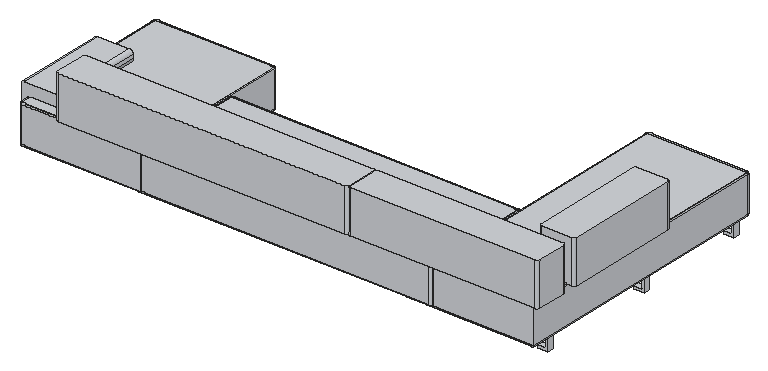
Revit family
Parameters (values of type "Modello con Isola")
  Manufacturer = "Revit"
  Materiale Piedi = none
  Materiale [instance] = none
Reference planes
  plane 1 "Center (Front/Back)": y = 0
  plane 2: z = 0
  plane 3 "Center (Left/Right)": x = 0
  plane 4: y = 210
  plane 5: y = 810
  plane 6: y = 1410
Forms (mm)
  Extrusion 1, solid, material <- "Materiale"
    sketch origin (0, 0, 460) x (1, 0, 0) y (0, 1, 0)
      loop
        arc (-1285.218, 313.341) -> (-1302.679, 306.109) -> (-1309.911, 288.648) r 24.693
        line (-1309.911, 288.648) -> (-1309.911, 24.693)
        arc (-1309.911, 24.693) -> (-1302.679, 7.232) -> (-1285.218, 0) r 24.693
        line (-1285.218, 0) -> (1285.218, 0)
        arc (1285.218, 0) -> (1302.679, 7.232) -> (1309.911, 24.693) r 24.693
        line (1309.911, 24.693) -> (1309.911, 288.648)
        arc (1309.911, 288.648) -> (1302.679, 306.109) -> (1285.218, 313.341) r 24.693
        line (1285.218, 313.341) -> (-1285.218, 313.341)
    from 0 to 385
  Extrusion 2, solid, material <- "Materiale"
    sketch origin (0, 0, 115) x (1, 0, 0) y (0, 1, 0)
      loop
        line (-591.622, 50.432) -> (-591.622, 1542.014)
        arc (-591.622, 1542.014) -> (-595.925, 1552.404) -> (-606.315, 1556.708) r 14.693
        line (-606.315, 1556.708) -> (-1649.364, 1556.708)
        arc (-1649.364, 1556.708) -> (-1659.754, 1552.404) -> (-1664.057, 1542.014) r 14.693
        line (-1664.057, 1542.014) -> (-1664.057, 65.125)
        arc (-1664.057, 65.125) -> (-1659.754, 54.735) -> (-1649.364, 50.432) r 14.693
        line (-1649.364, 50.432) -> (-591.622, 50.432)
      loop
        line (-561.505, 50.432) -> (2003.394, 50.432)
        arc (2003.394, 50.432) -> (2013.784, 54.735) -> (2018.088, 65.125) r 14.693
        line (2018.088, 65.125) -> (2018.088, 1016.409)
        arc (2018.088, 1016.409) -> (2013.784, 1026.799) -> (2003.394, 1031.103) r 14.693
        line (2003.394, 1031.103) -> (-546.812, 1031.103)
        arc (-546.812, 1031.103) -> (-557.202, 1026.799) -> (-561.505, 1016.409) r 14.693
        line (-561.505, 1016.409) -> (-561.505, 50.432)
    from 0 to 345
  Extrusion 3, solid, material <- "Materiale"
    sketch origin (0, 0, 0) x (1, 0, 0) y (0, 0, 1)
      loop
        line (-1724.67, 115.916) -> (-1674.095, 115.916) -> (-1674.095, 441.718)
        arc (-1674.095, 441.718) -> (-1663.863, 466.421) -> (-1639.159, 476.654) r 34.935
        line (-1639.159, 476.654) -> (-1415.69, 476.654)
        arc (-1415.69, 476.654) -> (-1390.987, 486.886) -> (-1380.755, 511.589) r 34.935
        line (-1380.755, 511.589) -> (-1380.755, 546.448)
        arc (-1380.755, 546.448) -> (-1390.987, 571.151) -> (-1415.69, 581.384) r 34.935
        line (-1415.69, 581.384) -> (-1689.735, 581.384)
        arc (-1689.735, 581.384) -> (-1714.438, 571.151) -> (-1724.67, 546.448) r 34.935
        line (-1724.67, 546.448) -> (-1724.67, 115.916)
    from -950.132 to -131.401
  Sweep 4, solid, material <- "Materiale"
    path origin (0, 0, 0) x (1, 0, 0) y (0, 1, 0)
      loop
        line (-606.315, 1556.708) -> (-1649.364, 1556.708)
        arc (-1649.364, 1556.708) -> (-1659.754, 1552.404) -> (-1664.057, 1542.014) r 14.693
        line (-1664.057, 1542.014) -> (-1664.057, 65.125)
        arc (-1664.057, 65.125) -> (-1659.754, 54.735) -> (-1649.364, 50.432) r 14.693
        line (-1649.364, 50.432) -> (-591.622, 50.432) -> (-591.622, 1542.014)
        arc (-591.622, 1542.014) -> (-595.925, 1552.404) -> (-606.315, 1556.708) r 14.693
    profile origin (-1127.84, 1556.708, 0) x (0, -1, 0) y (0, 0, 1)
      loop
        arc (0, 460) -> (-7.071, 457.071) -> (-10, 450) r 10
        line (-10, 450) -> (-10, 125)
        arc (-10, 125) -> (-7.071, 117.929) -> (0, 115) r 10
        line (0, 115) -> (0, 460)
  Sweep 5, solid, material <- "Materiale"
    path origin (0, 0, 0) x (1, 0, 0) y (0, 1, 0)
      loop
        line (2003.394, 1031.103) -> (-546.812, 1031.103)
        arc (-546.812, 1031.103) -> (-557.202, 1026.799) -> (-561.505, 1016.409) r 14.693
        line (-561.505, 1016.409) -> (-561.505, 50.432) -> (2003.394, 50.432)
        arc (2003.394, 50.432) -> (2013.784, 54.735) -> (2018.088, 65.125) r 14.693
        line (2018.088, 65.125) -> (2018.088, 1016.409)
        arc (2018.088, 1016.409) -> (2013.784, 1026.799) -> (2003.394, 1031.103) r 14.693
    profile origin (728.291, 1031.103, 0) x (0, -1, 0) y (0, 0, 1)
      loop
        arc (0, 460) -> (-7.071, 457.071) -> (-10, 450) r 10
        line (-10, 450) -> (-10, 125)
        arc (-10, 125) -> (-7.071, 117.929) -> (0, 115) r 10
        line (0, 115) -> (0, 460)
  Extrusion 6, solid, material <- "Materiale Piedi"
    sketch origin (0, 860, 0) x (1, 0, 0) y (0, 0, 1)
      loop
        line (-1676.433, 115.916) -> (-1676.433, 0) -> (-1582.923, 0) -> (-1582.923, 23.14) -> (-1653.621, 23.14) -> (-1653.621, 115.916) -> (-1676.433, 115.916)
      loop
        line (-634.698, 115.916) -> (-634.698, 23.14) -> (-705.397, 23.14) -> (-705.397, 0) -> (-611.887, 0) -> (-611.887, 115.916) -> (-634.698, 115.916)
    from 0 to 50
  Extrusion 7, solid, material <- "Materiale Piedi"
    sketch origin (0, 260, 0) x (1, 0, 0) y (0, 0, 1)
      loop
        line (-1676.433, 115.916) -> (-1676.433, 0) -> (-1582.923, 0) -> (-1582.923, 23.14) -> (-1653.621, 23.14) -> (-1653.621, 115.916) -> (-1676.433, 115.916)
      loop
        line (-634.698, 115.916) -> (-634.698, 23.14) -> (-705.397, 23.14) -> (-705.397, 0) -> (-611.887, 0) -> (-611.887, 115.916) -> (-634.698, 115.916)
    from 0 to 50
  Extrusion 8, solid, material <- "Materiale Piedi"
    sketch origin (0, 1460, 0) x (1, 0, 0) y (0, 0, 1)
      loop
        line (-1676.433, 115.916) -> (-1676.433, 0) -> (-1582.923, 0) -> (-1582.923, 23.14) -> (-1653.621, 23.14) -> (-1653.621, 115.916) -> (-1676.433, 115.916)
      loop
        line (-634.698, 115.916) -> (-634.698, 23.14) -> (-705.397, 23.14) -> (-705.397, 0) -> (-611.887, 0) -> (-611.887, 115.916) -> (-634.698, 115.916)
    from 0 to 50
  Extrusion 9, solid, material <- "Materiale Piedi"
    sketch origin (0, 260, 0) x (1, 0, 0) y (0, 0, 1)
      loop
        line (2005.239, 23.14) -> (1674.02, 23.14) -> (1674.02, 0) -> (2028.05, 0) -> (2028.05, 115.916) -> (2005.239, 115.916) -> (2005.239, 23.14)
    from 0 to 50
  Extrusion 10, solid, material <- "Materiale Piedi"
    sketch origin (0, 860, 0) x (1, 0, 0) y (0, 0, 1)
      loop
        line (2005.239, 23.14) -> (1674.02, 23.14) -> (1674.02, 0) -> (2028.05, 0) -> (2028.05, 115.916) -> (2005.239, 115.916) -> (2005.239, 23.14)
    from 0 to 50
  Extrusion 11, solid, material <- "Materiale"
    sketch origin (3702.145, 0, 115) x (1, 0, 0) y (0, 1, 0)
      loop
        line (-764.057, 65.432) -> (-764.057, 2435.738)
        arc (-764.057, 2435.738) -> (-768.361, 2446.128) -> (-778.751, 2450.432) r 14.693
        line (-778.751, 2450.432) -> (-1649.364, 2450.432)
        arc (-1649.364, 2450.432) -> (-1659.754, 2446.128) -> (-1664.057, 2435.738) r 14.693
        line (-1664.057, 2435.738) -> (-1664.057, 65.125)
        arc (-1664.057, 65.125) -> (-1659.754, 54.735) -> (-1649.364, 50.432) r 14.693
        line (-1649.364, 50.432) -> (-779.057, 50.432)
        arc (-779.057, 50.432) -> (-768.451, 54.825) -> (-764.057, 65.432) r 15
    from 0 to 345
  Sweep 12, solid, material <- "Materiale"
    path origin (3702.145, 0, 0) x (1, 0, 0) y (0, 1, 0)
      loop
        line (-778.751, 2450.432) -> (-1649.364, 2450.432)
        arc (-1649.364, 2450.432) -> (-1659.754, 2446.128) -> (-1664.057, 2435.738) r 14.693
        line (-1664.057, 2435.738) -> (-1664.057, 65.125)
        arc (-1664.057, 65.125) -> (-1659.754, 54.735) -> (-1649.364, 50.432) r 14.693
        line (-1649.364, 50.432) -> (-764.057, 50.432) -> (-764.057, 2435.738)
        arc (-764.057, 2435.738) -> (-768.361, 2446.128) -> (-778.751, 2450.432) r 14.693
    profile origin (2488.088, 2450.432, 0) x (0, -1, 0) y (0, 0, 1)
      loop
        arc (0, 460) -> (-7.071, 457.071) -> (-10, 450) r 10
        line (-10, 450) -> (-10, 125)
        arc (-10, 125) -> (-7.071, 117.929) -> (0, 115) r 10
        line (0, 115) -> (0, 460)
  Extrusion 13, solid, material <- "Materiale"
    sketch origin (3013.499, 834.052, 460) x (0, 1, 0) y (-1, 0, 0)
      loop
        arc (-399.359, 313.341) -> (-416.819, 306.109) -> (-424.052, 288.648) r 24.693
        line (-424.052, 288.648) -> (-424.052, 24.693)
        arc (-424.052, 24.693) -> (-416.819, 7.232) -> (-399.359, 0) r 24.693
        line (-399.359, 0) -> (623.834, 0)
        arc (623.834, 0) -> (641.295, 7.232) -> (648.527, 24.693) r 24.693
        line (648.527, 24.693) -> (648.527, 288.648)
        arc (648.527, 288.648) -> (641.295, 306.109) -> (623.834, 313.341) r 24.693
        line (623.834, 313.341) -> (-399.359, 313.341)
    from 0 to 385
  Extrusion 14, solid, material <- "Materiale"
    sketch origin (2800, 0, 460) x (1, 0, 0) y (0, 1, 0)
      loop
        arc (-1465.396, 313.341) -> (-1482.856, 306.109) -> (-1490.089, 288.648) r 24.693
        line (-1490.089, 288.648) -> (-1490.089, 24.693)
        arc (-1490.089, 24.693) -> (-1482.856, 7.232) -> (-1465.396, 0) r 24.693
        line (-1465.396, 0) -> (188.805, 0)
        arc (188.805, 0) -> (206.266, 7.232) -> (213.499, 24.693) r 24.693
        line (213.499, 24.693) -> (213.499, 288.648)
        arc (213.499, 288.648) -> (206.266, 306.109) -> (188.805, 313.341) r 24.693
        line (188.805, 313.341) -> (-1465.396, 313.341)
    from 0 to 385
  Extrusion 15, solid, material <- "Materiale Piedi"
    sketch origin (3615.927, 2343.724, 0) x (1, 0, 0) y (0, 0, 1)
      loop
        line (-1576.433, 115.916) -> (-1576.433, 0) -> (-1482.923, 0) -> (-1482.923, 23.14) -> (-1553.621, 23.14) -> (-1553.621, 115.916) -> (-1576.433, 115.916)
      loop
        line (-699.698, 115.916) -> (-699.698, 23.14) -> (-770.397, 23.14) -> (-770.397, 0) -> (-676.887, 0) -> (-676.887, 115.916) -> (-699.698, 115.916)
    from 0 to 50
  Extrusion 16, solid, material <- "Materiale Piedi"
    sketch origin (3615.927, 1343.724, 0) x (1, 0, 0) y (0, 0, 1)
      loop
        line (-1576.433, 115.916) -> (-1576.433, 0) -> (-1482.923, 0) -> (-1482.923, 23.14) -> (-1553.621, 23.14) -> (-1553.621, 115.916) -> (-1576.433, 115.916)
      loop
        line (-699.698, 115.916) -> (-699.698, 23.14) -> (-770.397, 23.14) -> (-770.397, 0) -> (-676.887, 0) -> (-676.887, 115.916) -> (-699.698, 115.916)
    from 0 to 50
  Extrusion 17, solid, material <- "Materiale Piedi"
    sketch origin (3615.927, 260, 0) x (1, 0, 0) y (0, 0, 1)
      loop
        line (-1576.433, 115.916) -> (-1576.433, 0) -> (-1482.923, 0) -> (-1482.923, 23.14) -> (-1553.621, 23.14) -> (-1553.621, 115.916) -> (-1576.433, 115.916)
      loop
        line (-699.698, 115.916) -> (-699.698, 23.14) -> (-770.397, 23.14) -> (-770.397, 0) -> (-676.887, 0) -> (-676.887, 115.916) -> (-699.698, 115.916)
    from 0 to 50
Lines and regions (mm)
  symbolic lines
    curve 1: line (-581.622, 313.341, 0) -> (-581.622, 1542.014, 0)
    curve 2: arc (-581.622, 1542.014, 0) -> (-588.854, 1559.475, 0) -> (-606.315, 1566.708, 0) r 24.693
    curve 3: line (-606.315, 1566.708, 0) -> (-1649.364, 1566.708, 0)
    curve 4: arc (-1649.364, 1566.708, 0) -> (-1666.825, 1559.475, 0) -> (-1674.057, 1542.014, 0) r 24.693
    curve 5: line (-1674.057, 1542.014, 0) -> (-1674.057, 950.132, 0)
    curve 6: line (-1699.939, 950.132, 0) -> (-1405.41, 950.132, 0)
    curve 7: arc (-1405.41, 950.132, 0) -> (-1387.95, 942.9, 0) -> (-1380.717, 925.439, 0) r 24.693
    curve 8: line (-1380.717, 925.439, 0) -> (-1380.717, 156.095, 0)
    curve 9: arc (-1380.717, 156.095, 0) -> (-1387.95, 138.634, 0) -> (-1405.41, 131.401, 0) r 24.693
    curve 10: line (-1405.41, 131.401, 0) -> (-1699.939, 131.401, 0)
    curve 11: arc (-1699.939, 131.401, 0) -> (-1717.4, 138.634, 0) -> (-1724.632, 156.095, 0) r 24.693
    curve 12: line (-1724.632, 156.095, 0) -> (-1724.632, 925.439, 0)
    curve 13: arc (-1724.632, 925.439, 0) -> (-1717.4, 942.9, 0) -> (-1699.939, 950.132, 0) r 24.693
    curve 14: line (-1674.057, 131.401, 0) -> (-1674.057, 65.125, 0)
    curve 15: arc (-1674.057, 65.125, 0) -> (-1666.825, 47.664, 0) -> (-1649.364, 40.432, 0) r 24.693
    curve 16: line (-1649.364, 40.432, 0) -> (-1309.911, 40.432, 0)
    curve 17: line (1285.218, 0, 0) -> (-1285.218, 0, 0)
    curve 18: arc (-1285.218, 0, 0) -> (-1302.679, 7.232, 0) -> (-1309.911, 24.693, 0) r 24.693
    curve 19: line (-1309.911, 24.693, 0) -> (-1309.911, 288.648, 0)
    curve 20: arc (-1309.911, 288.648, 0) -> (-1302.679, 306.109, 0) -> (-1285.218, 313.341, 0) r 24.693
    curve 21: line (-1285.218, 313.341, 0) -> (1285.218, 313.341, 0)
    curve 22: arc (1285.218, 313.341, 0) -> (1302.679, 306.109, 0) -> (1309.911, 288.648, 0) r 24.693
    curve 23: line (1309.911, 288.648, 0) -> (1309.911, 24.693, 0)
    curve 24: arc (1309.911, 24.693, 0) -> (1302.679, 7.232, 0) -> (1285.218, 0, 0) r 24.693
    curve 25: line (-571.505, 313.341, 0) -> (-571.505, 1016.409, 0)
    curve 26: arc (-571.505, 1016.409, 0) -> (-564.273, 1033.87, 0) -> (-546.812, 1041.103, 0) r 24.693
    curve 27: line (-546.812, 1041.103, 0) -> (2003.394, 1041.103, 0)
    curve 28: arc (2003.394, 1041.103, 0) -> (2020.855, 1033.87, 0) -> (2028.088, 1016.409, 0) r 24.693
    curve 29: line (2028.088, 1016.409, 0) -> (2028.088, 950.132, 0)
    curve 30: line (2988.805, 313.341, 0) -> (1334.604, 313.341, 0)
    curve 31: arc (1334.604, 313.341, 0) -> (1317.144, 306.109, 0) -> (1309.911, 288.648, 0) r 24.693
    curve 32: line (1309.911, 288.648, 0) -> (1309.911, 24.693, 0)
    curve 33: arc (1309.911, 24.693, 0) -> (1317.144, 7.232, 0) -> (1334.604, 0, 0) r 24.693
    curve 34: line (1334.604, 0, 0) -> (2988.805, 0, 0)
    curve 35: arc (2988.805, 0, 0) -> (3006.266, 7.232, 0) -> (3013.499, 24.693, 0) r 24.693
    curve 36: line (3013.499, 24.693, 0) -> (3013.499, 288.648, 0)
    curve 37: arc (3013.499, 288.648, 0) -> (3006.266, 306.109, 0) -> (2988.805, 313.341, 0) r 24.693
    curve 38: line (2700.157, 1457.886, 0) -> (2700.157, 434.693, 0)
    curve 39: arc (2700.157, 434.693, 0) -> (2707.39, 417.232, 0) -> (2724.851, 410, 0) r 24.693
    curve 40: line (2724.851, 410, 0) -> (2988.805, 410, 0)
    curve 41: arc (2988.805, 410, 0) -> (3006.266, 417.232, 0) -> (3013.499, 434.693, 0) r 24.693
    curve 42: line (3013.499, 434.693, 0) -> (3013.499, 1457.886, 0)
    curve 43: arc (3013.499, 1457.886, 0) -> (3006.266, 1475.347, 0) -> (2988.805, 1482.579, 0) r 24.693
    curve 44: line (2988.805, 1482.579, 0) -> (2724.851, 1482.579, 0)
    curve 45: arc (2724.851, 1482.579, 0) -> (2707.39, 1475.347, 0) -> (2700.157, 1457.886, 0) r 24.693
    curve 46: line (2923.394, 2460.432, 0) -> (2052.781, 2460.432, 0)
    curve 47: arc (2052.781, 2460.432, 0) -> (2035.32, 2453.199, 0) -> (2028.088, 2435.738, 0) r 24.693
    curve 48: line (2028.088, 2435.738, 0) -> (2028.088, 313.341, 0)
    curve 49: line (2948.088, 313.341, 0) -> (2948.088, 410, 0)
    curve 50: arc (2948.088, 2435.738, 0) -> (2940.855, 2453.199, 0) -> (2923.394, 2460.432, 0) r 24.693
    curve 51: line (2948.088, 1482.579, 0) -> (2948.088, 2435.738, 0)
Dimensions and locks
  aligned and locked: curve 30 to Extrusion 14
  aligned and locked: curve 31 to Extrusion 14
  aligned and locked: curve 32 to Extrusion 14
  aligned and locked: curve 33 to Extrusion 14
  aligned and locked: curve 34 to Extrusion 14
  aligned and locked: curve 35 to Extrusion 14
  aligned and locked: curve 36 to Extrusion 14
  aligned and locked: curve 37 to Extrusion 14
  aligned and locked: curve 38 to Extrusion 13
  aligned and locked: curve 39 to Extrusion 13
  aligned and locked: curve 40 to Extrusion 13
  aligned and locked: curve 41 to Extrusion 13
  aligned and locked: curve 42 to Extrusion 13
  aligned and locked: curve 43 to Extrusion 13
  aligned and locked: curve 44 to Extrusion 13
  aligned and locked: curve 45 to Extrusion 13
